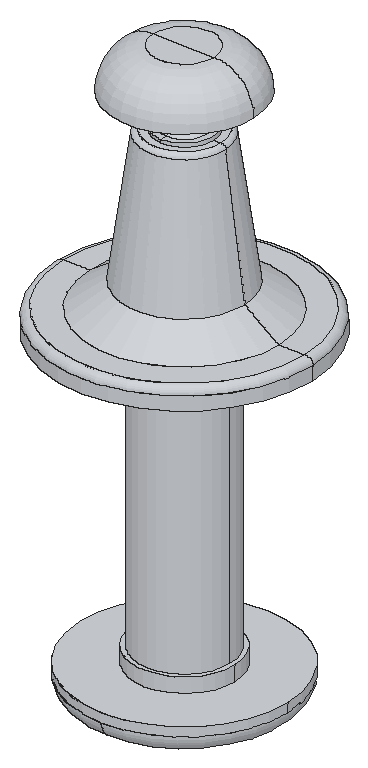
Revit family "Save-Up-Kort", category Security Devices, host Roof, Revit 2012
Parameters (values of type "Houten dakbeschot")
  Universele onderpan = "1x"
  Kleine drukverdeelplaat = "2x"
  Grote drukverdeelplaat = ""
  URL = "http://www.save-up.nl/"
  Start-void = 10 mm
  Opvulring = "4x"
  Model = "Safe Up Roof System"
  Material = "Steel, PP and TPE"
  Manufacturer = "A&T Save Up BV"
  Vlakke dakpannen en leien = ""
  End-void = 12 mm
  Description = "Save-Up fall protection system"
Types (4, lengths in mm): name | Kleine drukverdeelplaat | Grote drukverdeelplaat | Opvulring
  Houten dakbeschot | "2x" | "" | "4x"
  Enkelschalig dakelement | "1x" | "1x" | ""
  Dubbelschalig dakelement | "2x" | "" | ""
  Sandwich dakelement | "1x" | "2x" | "1x"
Reference planes
  plane 1 "Center (Front/Back)": y = 0
  plane 2 "Roof": z = 4000
  plane 3 "Center (Left/Right)": x = 0
  plane 4: z = 4200
  plane 5: z = 4010
  plane 6: z = 4188
  plane 7: z = 3994
Forms (mm)
  Extrusion 1, solid
    sketch origin (0, 0, 4000) x (1, 0, 0) y (0, 1, 0)
      loop
        circle (0, 0) r 70
    from 0 to -6
  Extrusion 2, solid
    sketch origin (-1524, -4572, 4200) x (-1, 0, 0) y (0, -1, 0)
      loop
        circle (-1524, -4572) r 70
    from 0 to 4
  Extrusion 3, void
    sketch origin (0, 0, 4000) x (1, 0, 0) y (0, 1, 0)
      loop
        circle (0, 0) r 34
    from 0 to 10
  Extrusion 4, void
    sketch origin (-1524, -4572, 4010) x (0, -1, 0) y (-1, 0, 0)
      loop
        circle (-4572, -1524) r 31
    from -178 to 0
  Extrusion 5, void
    sketch origin (-1524, -4572, 4200) x (0, -1, 0) y (-1, 0, 0)
      loop
        circle (-4572, -1524) r 34
    from 0 to 12
  Extrusion 6, solid
    sketch origin (0, 0, 4000) x (1, 0, 0) y (0, 1, 0)
      loop
        circle (0, 0) r 34
    from 0 to 10
  Extrusion 7, solid
    sketch origin (0, 0, 4000) x (1, 0, 0) y (0, 1, 0)
      loop
        circle (0, 0) r 31
    from 10 to 188
  Extrusion 8, solid
    sketch origin (-1524, -4572, 4200) x (-1, 0, 0) y (0, -1, 0)
      loop
        circle (-1524, -4572) r 34
    from 0 to -12
  Revolve 9, solid
    sketch origin (0, 0, 0) x (0, 1, 0) y (0, 0, 1)
      loop
        line (70, 3994) -> (0, 3994) -> (0, 3982) -> (58, 3982)
        arc (58, 3982) -> (66.485, 3985.515) -> (70, 3994) r 12
      axis (0, 3994) -> (0, 3982)
    angle from 0 to 360
  Extrusion 10, solid
    sketch origin (-1524, -4572, 4200) x (-1, 0, 0) y (0, -1, 0)
      loop
        circle (-1524, -4572) r 26
    from 4 to 34
  Revolve 11, solid
    sketch origin (0, 0, 0) x (0, 1, 0) y (0, 0, 1)
      loop
        line (0, 4234) -> (19.5, 4234) -> (19.5, 4324) -> (15.126, 4324)
        arc (15.126, 4324) -> (13.131, 4325.137) -> (12.523, 4327.351) r 3
        line (12.523, 4327.351) -> (12.523, 4345) -> (0, 4345) -> (0, 4234)
      axis (0, 4234) -> (0, 4345)
    angle from 0 to 360
  Revolve 12, solid
    sketch origin (0, 0, 0) x (1, 0, 0) y (0, 0, 1)
      loop
        line (0, 4345) -> (0, 4372.1) -> (-20.3, 4372.1)
        arc (-20.3, 4372.1) -> (-39.357, 4364.144) -> (-47.1, 4345) r 26.802
        line (-47.1, 4345) -> (0, 4345)
      axis (0, 4345) -> (0, 4372.1)
    angle from 0 to 360
  Revolve 13, solid
    sketch origin (0, 0, 0) x (1, 0, 0) y (0, 0, 1)
      loop
        line (-19.5, 4322) -> (-24.769, 4322)
        arc (-24.769, 4322) -> (-27.055, 4321.144) -> (-28.217, 4318.998) r 3.481
        line (-28.217, 4318.998) -> (-40.6, 4229.9) -> (-64, 4214) -> (-81.5, 4214)
        arc (-81.5, 4214) -> (-85.036, 4212.536) -> (-86.5, 4209) r 5
        line (-86.5, 4209) -> (-86.5, 4200) -> (-70, 4200) -> (-70, 4204) -> (-31, 4204)
        arc (-31, 4204) -> (-27.464, 4205.464) -> (-26, 4209) r 5
        line (-26, 4209) -> (-26, 4234) -> (-21.468, 4234)
        arc (-21.468, 4234) -> (-20.076, 4234.576) -> (-19.5, 4235.968) r 1.968
        line (-19.5, 4235.968) -> (-19.5, 4322)
      axis (0, 4200) -> (0, 4322)
    angle from 0 to 360
Dimensions and locks
  equal spacing: host sketch curve, plane 3 "Center (Left/Right)", host sketch curve
  equal spacing: host sketch curve, plane 1 "Center (Front/Back)", host sketch curve
  "Start-void": plane 5 to host roof
  "End-void": plane 4 to plane 6
  aligned and locked: level to plane 2 "Roof"
  aligned and locked: plane 4 to host roof
  aligned and locked: Extrusion 4 to plane 5
  aligned and locked: plane 6 to Extrusion 4
  aligned and locked: Extrusion 7 to plane 5
  aligned and locked: plane 6 to Extrusion 7
  aligned and locked: Extrusion 8 to Extrusion 2
  aligned and locked: host roof to Extrusion 5
  aligned and locked: Extrusion 6 to plane 2 "Roof"
  aligned and locked: Extrusion 3 to Extrusion 6
Automatic sketch dimensions
  plane 1 "Center (Front/Back)" to Extrusion 1 sketch curve = 0 mm
  Extrusion 1 sketch curve to plane 3 "Center (Left/Right)" = 0 mm
  plane 1 "Center (Front/Back)" to Extrusion 2 sketch curve = 0 mm
  Extrusion 2 sketch curve to plane 3 "Center (Left/Right)" = 0 mm
  plane 1 "Center (Front/Back)" to Extrusion 3 sketch curve = 0 mm
  Extrusion 3 sketch curve to plane 3 "Center (Left/Right)" = 0 mm
  plane 1 "Center (Front/Back)" to Extrusion 4 sketch curve = 0 mm
  Extrusion 4 sketch curve to plane 3 "Center (Left/Right)" = 0 mm
  plane 1 "Center (Front/Back)" to Extrusion 5 sketch curve = 0 mm
  Extrusion 5 sketch curve to plane 3 "Center (Left/Right)" = 0 mm
  plane 1 "Center (Front/Back)" to Extrusion 6 sketch curve = 0 mm
  Extrusion 6 sketch curve to plane 3 "Center (Left/Right)" = 0 mm
  plane 1 "Center (Front/Back)" to Extrusion 7 sketch curve = 0 mm
  Extrusion 7 sketch curve to plane 3 "Center (Left/Right)" = 0 mm
  plane 1 "Center (Front/Back)" to Extrusion 8 sketch curve = 0 mm
  Extrusion 8 sketch curve to plane 3 "Center (Left/Right)" = 0 mm
  Revolve 9 sketch curve to plane 1 "Center (Front/Back)" = 0 mm  (x2)
  Revolve 9 sketch curve to plane 7 = 0 mm  (x2)
  Revolve 9 sketch curve to Revolve 9 sketch curve = 58 mm
  Revolve 9 sketch curve to Revolve 9 sketch curve = 12 mm
  Revolve 9 sketch curve to Revolve 9 sketch curve = 0 mm
  plane 1 "Center (Front/Back)" to Extrusion 10 sketch curve = 0 mm
  Extrusion 10 sketch curve to plane 3 "Center (Left/Right)" = 0 mm
  Revolve 11 sketch curve to plane 1 "Center (Front/Back)" = 0 mm  (x2)
  Revolve 11 sketch curve to Revolve 11 sketch curve = 12.523 mm
  Revolve 11 sketch curve to Revolve 11 sketch curve = 2.602 mm
  Revolve 11 sketch curve to Revolve 11 sketch curve = 2.977 mm  (x2)
  Revolve 11 sketch curve to plane 1 "Center (Front/Back)" = 19.5 mm
  plane 4 to Revolve 11 sketch curve = 34 mm
  Revolve 11 sketch curve to Revolve 11 sketch curve = 0 mm
  Revolve 11 sketch curve to Revolve 11 sketch curve = 90 mm
  Revolve 11 sketch curve to Revolve 11 sketch curve = 17.649 mm
  Revolve 11 sketch curve to Revolve 11 sketch curve = 2 mm
  Revolve 13 sketch curve to plane 4 = 0 mm  (x2)
  Revolve 13 sketch curve to plane 3 "Center (Left/Right)" = 0 mm
  Revolve 13 sketch curve to Revolve 13 sketch curve = 19.5 mm
  Revolve 13 sketch curve to Revolve 13 sketch curve = 1.968 mm
  Revolve 13 sketch curve to Revolve 13 sketch curve = 5.269 mm
  Revolve 13 sketch curve to Revolve 13 sketch curve = 4.532 mm
  Revolve 13 sketch curve to Revolve 13 sketch curve = 3.448 mm
  plane 4 to Revolve 13 sketch curve = 4 mm
  Revolve 13 sketch curve to Revolve 13 sketch curve = 5 mm  (x2)
  Revolve 13 sketch curve to Revolve 13 sketch curve = 14.6 mm
  plane 4 to Revolve 13 sketch curve = 14 mm
  Revolve 13 sketch curve to Revolve 13 sketch curve = 23.4 mm
  Revolve 13 sketch curve to Revolve 13 sketch curve = 6 mm
  Revolve 13 sketch curve to Revolve 13 sketch curve = 11.5 mm
  Revolve 13 sketch curve to Revolve 13 sketch curve = 20.9 mm
  Revolve 13 sketch curve to Revolve 13 sketch curve = 4.1 mm
  Revolve 13 sketch curve to Revolve 13 sketch curve = 82.551 mm
  Revolve 13 sketch curve to Revolve 13 sketch curve = 0.479 mm
  Revolve 13 sketch curve to Revolve 13 sketch curve = 0 mm
  Revolve 12 sketch curve to plane 3 "Center (Left/Right)" = 0 mm  (x2)
  Revolve 12 sketch curve to plane 3 "Center (Left/Right)" = 20.3 mm
  Revolve 12 sketch curve to Revolve 12 sketch curve = 26.8 mm
  plane 4 to Revolve 12 sketch curve = 145 mm
  Revolve 12 sketch curve to Revolve 12 sketch curve = 2 mm
  Revolve 12 sketch curve to Revolve 12 sketch curve = 1.702 mm
  Revolve 12 sketch curve to Revolve 12 sketch curve = 18 mm
  radius of Extrusion 1 sketch curve = 70 mm
  radius of Extrusion 2 sketch curve = 70 mm
  radius of Extrusion 3 sketch curve = 34 mm
  radius of Extrusion 4 sketch curve = 31 mm
  radius of Extrusion 5 sketch curve = 34 mm
  radius of Extrusion 6 sketch curve = 34 mm
  radius of Extrusion 7 sketch curve = 31 mm
  radius of Extrusion 8 sketch curve = 34 mm
  radius of Extrusion 10 sketch curve = 26 mm
